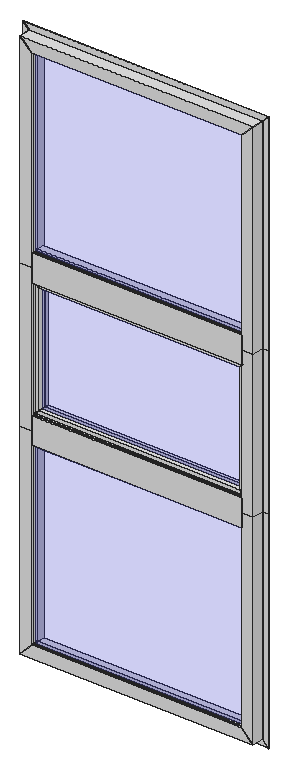
Revit family "511_AWN-AU_stucco key", category Windows, host Wall, Revit 2016
Family settings
  Host = Wall
  OmniClass Number = 23.30.20.00
  OmniClass Title = Windows
  Always vertical = Yes
  Cut with Voids When Loaded = No
  Shared = No
  Room Calculation Point = No
Parameters (values of type "48x114")
  MLW3 = 1 / 8 * BSA  # 5 1/4"
  MLW2 = 1 / 8 * BSU  # 5 1/4"
  MLW = 3.188"
  MLH = 1 / 2 * Width  # 24"
  Interior Color [instance] = White
  Height = 114"
  Exterior Color [instance] = White
  Default Sill Height = 31.49606"
  Wall Closure = By host
  Width = 48"
  BSU = 42"
  BSA = BSU  # 42"
  AH [instance] = 30"
Reference planes (in)
  plane 1 "Center (Front/Back)": y = 0
  plane 2 "Center (Left/Right)": x = 0
  plane 3 "Left": x = -24
  plane 4 "Right": x = 24
  plane 5 "Sill": z = 31.49606
  plane 6 "Head": z = 145.49606
  plane 7 "Exterior": y = 3.93701
  plane 8 "Interior": y = -3.93701
  plane 9 "Front of wall": y = 3.93701
  plane 10 "BSU": z = 73.49606
  plane 11 "BSA": z = 103.49606
  plane 12: z = 105.93303
  plane 13: z = 100.37156
  plane 14: z = 143.43506
  plane 15: z = 76.61998
  plane 16: z = 71.06152
  plane 17: z = 33.55906
  plane 18: x = 21.937
  plane 19: x = -21.939
  plane 20: x = -21.2505
  plane 21: x = 21.2515
  plane 22: z = 77.05898
  plane 23: z = 99.93351
Forms (in)
  Extrusion 1, solid, material "White" <- "Interior Color"
    sketch origin (0, 0, 103.49606) x (1, 0, 0) y (0, 1, 0)
      loop
        line (-21.625, 1.51201) -> (-21.625, 1.88701) -> (-21.439, 1.88701) -> (-21.439, 2.13751) -> (-21.939, 2.13751) -> (-21.939, 2.88201) -> (-21.43565, 2.88201) -> (-21.43565, 4.41631) -> (-23.34809, 4.41631) -> (-23.43181, 5.01201) -> (-24.2, 5.01201) -> (-24.2, 4.94701) -> (-24, 4.94701) -> (-24, 4.01201) -> (-25.25, 4.01201) -> (-25.25, 3.93701) -> (-24, 3.93701) -> (-24, 1.51201) -> (-21.625, 1.51201)
    from 0 to 43.25
  Extrusion 2, solid, material "White" <- "Interior Color"
    sketch origin (0, 0, 103.49606) x (1, 0, 0) y (0, 1, 0)
      loop
        line (24, 1.51201) -> (24, 3.93701) -> (25.25, 3.93701) -> (25.25, 4.01201) -> (24, 4.01201) -> (24, 4.94701) -> (24.2, 4.94701) -> (24.2, 5.01201) -> (23.43181, 5.01201) -> (23.34722, 4.41635) -> (21.43365, 4.41635) -> (21.43365, 2.88201) -> (21.937, 2.88201) -> (21.937, 2.13751) -> (21.437, 2.13751) -> (21.437, 1.88701) -> (21.625, 1.88701) -> (21.625, 1.51201) -> (24, 1.51201)
    from 0 to 43.25
  Extrusion 3, solid, material "White" <- "Interior Color"
    sketch origin (0, 0, 73.49606) x (1, 0, 0) y (0, 1, 0)
      loop
        line (-21.625, 1.51201) -> (-21.625, 1.88701) -> (-21.437, 1.88701) -> (-21.437, 2.21201) -> (-20.7505, 2.21201) -> (-20.7505, 3.09951) -> (-21.2505, 3.09951) -> (-21.2505, 3.84401) -> (-20.7882, 3.84401) -> (-20.8125, 3.88201) -> (-20.8125, 4.62201) -> (-21.3755, 4.62201) -> (-21.3755, 4.66201) -> (-23.38262, 4.66201) -> (-23.43181, 5.01201) -> (-24.2, 5.01201) -> (-24.2, 4.94701) -> (-24, 4.94701) -> (-24, 4.01201) -> (-25.25, 4.01201) -> (-25.25, 3.93701) -> (-24, 3.93701) -> (-24, 1.51201) -> (-21.625, 1.51201)
    from 0 to 30
  Extrusion 4, solid, material "White" <- "Interior Color"
    sketch origin (0, 0, 73.49606) x (1, 0, 0) y (0, 1, 0)
      loop
        line (24, 1.51201) -> (24, 3.93701) -> (25.25, 3.93701) -> (25.25, 4.01201) -> (24, 4.01201) -> (24, 4.94701) -> (24.2, 4.94701) -> (24.2, 5.01201) -> (23.43181, 5.01201) -> (23.38262, 4.66201) -> (21.3755, 4.66201) -> (21.3755, 4.62333) -> (20.8125, 4.62333) -> (20.8125, 3.88201) -> (20.7882, 3.84401) -> (21.2515, 3.84401) -> (21.2515, 3.09951) -> (20.7505, 3.09951) -> (20.7505, 2.21201) -> (21.437, 2.21201) -> (21.437, 1.88701) -> (21.625, 1.88701) -> (21.625, 1.51201) -> (24, 1.51201)
    from 0 to 30
  Extrusion 5, solid, material "White" <- "Interior Color"
    sketch origin (0, 0, 31.49606) x (0, -1, 0) y (1, 0, 0)
      loop
        line (-1.51201, -21.625) -> (-1.88701, -21.625) -> (-1.88701, -21.439) -> (-2.13751, -21.439) -> (-2.13751, -21.939) -> (-2.88201, -21.939) -> (-2.88201, -21.43565) -> (-4.41631, -21.43565) -> (-4.41631, -23.34809) -> (-5.01201, -23.43181) -> (-5.01201, -24.2) -> (-4.94701, -24.2) -> (-4.94701, -24) -> (-4.01201, -24) -> (-4.01201, -25.25) -> (-3.93701, -25.25) -> (-3.93701, -24) -> (-1.51201, -24) -> (-1.51201, -21.625)
    from -1.25 to 42
  Extrusion 6, solid, material "White" <- "Interior Color"
    sketch origin (0, 0, 31.49606) x (0, -1, 0) y (1, 0, 0)
      loop
        line (-1.51201, 24) -> (-3.93701, 24) -> (-3.93701, 25.25) -> (-4.01201, 25.25) -> (-4.01201, 24) -> (-4.94701, 24) -> (-4.94701, 24.2) -> (-5.01201, 24.2) -> (-5.01201, 23.43181) -> (-4.41635, 23.34722) -> (-4.41635, 21.43365) -> (-2.88201, 21.43365) -> (-2.88201, 21.937) -> (-2.13751, 21.937) -> (-2.13751, 21.437) -> (-1.88701, 21.437) -> (-1.88701, 21.625) -> (-1.51201, 21.625) -> (-1.51201, 24)
    from -1.25 to 42
  Extrusion 7, solid, material "White" <- "Interior Color"
    sketch origin (0, 0, 0) x (0, -1, 0) y (0, 0, 1)
      loop
        line (-1.51201, 33.87106) -> (-1.88701, 33.87106) -> (-1.88701, 34.05906) -> (-2.13751, 34.05906) -> (-2.13751, 33.55906) -> (-2.88201, 33.55906) -> (-2.88201, 34.06228) -> (-4.4163, 34.06228) -> (-4.4163, 32.14797) -> (-5.01201, 32.06425) -> (-5.01201, 31.29606) -> (-4.94701, 31.29606) -> (-4.94701, 31.49606) -> (-4.01201, 31.49606) -> (-4.01201, 30.24606) -> (-3.93701, 30.24606) -> (-3.93701, 31.49606) -> (-1.51201, 31.49606) -> (-1.51201, 33.87106)
    from -25.25 to 25.25
  Extrusion 8, solid, material "White" <- "Interior Color"
    sketch origin (0, 0, 0) x (0, -1, 0) y (0, 0, 1)
      loop
        line (-1.51201, 76.24648) -> (-1.88701, 76.24648) -> (-1.88701, 76.43448) -> (-2.20792, 76.43448) -> (-2.20792, 77.12098) -> (-3.0954, 77.12098) -> (-3.09951, 76.61998) -> (-3.84401, 76.61998) -> (-3.84401, 77.08328) -> (-3.88201, 77.05898) -> (-4.61982, 77.05898) -> (-4.61982, 76.49599) -> (-4.66201, 76.49599) -> (-4.66201, 74.48886) -> (-5.018, 74.43883) -> (-5.018, 72.55414) -> (-4.41495, 72.46939) -> (-4.41495, 70.55713) -> (-2.88201, 70.55713) -> (-2.88201, 71.06152) -> (-2.13751, 71.06152) -> (-2.13751, 70.55848) -> (-1.88701, 70.55848) -> (-1.88701, 70.74648) -> (-1.51201, 70.74648) -> (-1.51201, 76.24648)
    from -24 to 24
  Extrusion 9, solid, material "White" <- "Interior Color"
    sketch origin (0, 0, 0) x (0, -1, 0) y (0, 0, 1)
      loop
        line (-1.51201, 106.24606) -> (-1.88701, 106.24606) -> (-1.88701, 106.43406) -> (-2.1334, 106.43406) -> (-2.1334, 105.93303) -> (-2.88201, 105.93303) -> (-2.88201, 106.43728) -> (-4.4163, 106.43728) -> (-4.4163, 104.52297) -> (-5.01201, 104.43925) -> (-5.01201, 102.55287) -> (-4.66201, 102.50368) -> (-4.66201, 100.49656) -> (-4.62198, 100.49656) -> (-4.62198, 99.93351) -> (-3.88197, 99.93351) -> (-3.84401, 99.90924) -> (-3.84401, 100.37156) -> (-3.09951, 100.37156) -> (-3.09951, 99.87156) -> (-2.21201, 99.87156) -> (-2.21201, 100.55806) -> (-1.88701, 100.55806) -> (-1.88701, 100.74606) -> (-1.51201, 100.74606) -> (-1.51201, 106.24606)
    from -24 to 24
  Extrusion 10, solid, material "White" <- "Interior Color"
    sketch origin (0, 0, 0) x (0, -1, 0) y (0, 0, 1)
      loop
        line (-1.51201, 143.12106) -> (-1.51201, 145.49606) -> (-3.93701, 145.49606) -> (-3.93701, 146.74606) -> (-4.01201, 146.74606) -> (-4.01201, 145.49606) -> (-4.94701, 145.49606) -> (-4.94701, 145.69606) -> (-5.01201, 145.69606) -> (-5.01201, 144.92787) -> (-4.41631, 144.84415) -> (-4.41631, 142.93171) -> (-2.88201, 142.93171) -> (-2.88201, 143.43506) -> (-2.13751, 143.43506) -> (-2.13751, 142.93506) -> (-1.88701, 142.93506) -> (-1.88701, 143.12106) -> (-1.51201, 143.12106)
    from -25.25 to 25.25
  Sweep 11, void
    path in 3D
      loop
        line (22.55859, 7.37257, 145.49606) -> (22.55859, 3.93701, 145.49606)
    profile origin (22.55859, 5.65479, 145.49606) x (1, 0, 0) y (0, 0, 1)
      loop
        line (3.20045, 1.75904) -> (-2.2105, 1.75904) -> (-2.2105, -2.56435) -> (0.7895, -2.56435) -> (0.7895, -0.65191) -> (3.20045, 1.75904)
  Sweep 12, void
    path in 3D
      loop
        line (22.55859, 7.37257, 145.49606) -> (22.55859, 3.93701, 145.49606)
    profile origin (22.55859, 5.65479, 145.49606) x (1, 0, 0) y (0, 0, 1)
      loop
        line (3.03863, 1.59722) -> (0.87322, -0.56819) -> (0.87322, -3.15278) -> (3.03863, -3.15278) -> (3.03863, 1.59722)
  Sweep 13, void
    path in 3D
      loop
        line (-23.4878, 8.24938, 145.49606) -> (-23.4878, 3.93701, 145.49606)
    profile origin (-23.4878, 6.09319, 145.49606) x (1, 0, 0) y (0, 0, 1)
      loop
        line (-2.19785, 1.68565) -> (-2.19785, -3.15191) -> (0.05599, -3.15191) -> (0.05599, -0.56819) -> (-2.19785, 1.68565)
  Sweep 14, void
    path in 3D
      loop
        line (-23.4878, 8.24938, 145.49606) -> (-23.4878, 3.93701, 145.49606)
    profile origin (-23.4878, 6.09319, 145.49606) x (1, 0, 0) y (0, 0, 1)
      loop
        line (-1.86029, 1.34809) -> (0.13971, -0.65191) -> (0.13971, -2.56435) -> (2.46459, -2.56435) -> (2.46459, 1.34809) -> (-1.86029, 1.34809)
  Sweep 15, void
    path in 3D
      loop
        line (-23.22939, 7.99097, 103.49606) -> (-23.22939, 3.93701, 103.49606)
    profile origin (-23.22939, 5.96399, 103.49606) x (1, 0, 0) y (0, 0, 1)
      loop
        line (3.04758, 2.94121) -> (-0.1187, 2.94121) -> (-0.1187, 0.94319) -> (-0.20242, 0.94319) -> (-0.20242, -0.94319) -> (1.85389, -2.9995) -> (1.85389, -3.56255) -> (3.04758, -3.56255) -> (3.04758, 2.94121)
  Sweep 16, void
    path in 3D
      loop
        line (-23.22939, 7.99097, 103.49606) -> (-23.22939, 3.93701, 103.49606)
    profile origin (-23.22939, 5.96399, 103.49606) x (1, 0, 0) y (0, 0, 1)
      loop
        line (1.85389, -3.8745) -> (1.85389, -2.9995) -> (-0.20242, -0.94319) -> (-0.20242, 0.94319) -> (-0.1187, 1.02691) -> (-0.1187, 3.77691) -> (-3.3687, 3.77691) -> (-3.3687, -3.8745) -> (1.85389, -3.8745)
  Sweep 17, void
    path in 3D
      loop
        line (22.90225, 7.37257, 103.49606) -> (22.90225, 3.93701, 103.49606)
    profile origin (22.90225, 5.65479, 103.49606) x (1, 0, 0) y (0, 0, 1)
      loop
        line (-3.15175, 2.94121) -> (-3.15175, -3.56255) -> (-1.52675, -3.56255) -> (-1.52675, -2.9995) -> (0.52957, -0.94319) -> (0.52957, 0.94232) -> (0.44497, 1.02691) -> (0.44497, 2.94121) -> (-3.15175, 2.94121)
  Sweep 18, void
    path in 3D
      loop
        line (22.90225, 7.37257, 103.49606) -> (22.90225, 3.93701, 103.49606)
    profile origin (22.90225, 5.65479, 103.49606) x (1, 0, 0) y (0, 0, 1)
      loop
        line (-1.52675, -5.34632) -> (3.27957, -5.34632) -> (3.27957, 3.40368) -> (0.52957, 3.40368) -> (0.52957, -0.94319) -> (-1.52675, -2.9995) -> (-1.52675, -5.34632)
  Sweep 19, void
    path in 3D
      loop
        line (23.31199, 7.51797, 73.49606) -> (23.31199, 3.93701, 73.49606)
    profile origin (23.31199, 5.72749, 73.49606) x (1, 0, 0) y (0, 0, 1)
      loop
        line (-4.18371, 3.56292) -> (-4.18371, -2.93893) -> (0.03522, -2.93893) -> (0.03522, -0.93893) -> (0.11982, -0.93893) -> (0.11982, 0.94361) -> (-1.93649, 2.99992) -> (-1.93649, 3.56292) -> (-4.18371, 3.56292)
  Sweep 20, void
    path in 3D
      loop
        line (23.31199, 7.51797, 73.49606) -> (23.31199, 3.93701, 73.49606)
    profile origin (23.31199, 5.72749, 73.49606) x (1, 0, 0) y (0, 0, 1)
      loop
        line (0.11982, -3.28051) -> (2.56351, -3.28051) -> (2.56351, 4.49992) -> (-1.93649, 4.49992) -> (-1.93649, 2.99992) -> (0.11982, 0.94361) -> (0.11982, -3.28051)
  Sweep 21, void
    path in 3D
      loop
        line (-22.81899, 7.82377, 73.49606) -> (-22.81899, 3.93701, 73.49606)
    profile origin (-22.81899, 5.88039, 73.49606) x (1, 0, 0) y (0, 0, 1)
      loop
        line (4.13096, 3.56292) -> (1.44349, 3.56292) -> (1.44349, 2.99992) -> (-0.61282, 0.94361) -> (-0.61282, -0.94193) -> (-0.5291, -0.94193) -> (-0.5291, -2.93893) -> (4.13096, -2.93893) -> (4.13096, 3.56292)
  Sweep 22, void
    path in 3D
      loop
        line (-22.81899, 7.82377, 73.49606) -> (-22.81899, 3.93701, 73.49606)
    profile origin (-22.81899, 5.88039, 73.49606) x (1, 0, 0) y (0, 0, 1)
      loop
        line (1.44349, 4.64974) -> (-3.61282, 4.64974) -> (-3.61282, -3.20509) -> (-0.61282, -3.20509) -> (-0.61282, 0.94361) -> (1.44349, 2.99992) -> (1.44349, 4.64974)
  Sweep 23, void
    path in 3D
      loop
        line (-22.31899, 7.82377, 31.49606) -> (-22.31899, 3.93701, 31.49606)
    profile origin (-22.31899, 5.88039, 31.49606) x (1, 0, 0) y (0, 0, 1)
      loop
        line (2.13334, 2.56621) -> (-1.0291, 2.56621) -> (-1.0291, 0.65191) -> (-3.92168, -2.24067) -> (2.13334, -2.24067) -> (2.13334, 2.56621)
  Sweep 24, void
    path in 3D
      loop
        line (-22.31899, 7.82377, 31.49606) -> (-22.31899, 3.93701, 31.49606)
    profile origin (-22.31899, 5.88039, 31.49606) x (1, 0, 0) y (0, 0, 1)
      loop
        line (-1.0291, 3.9415) -> (-3.58614, 3.9415) -> (-3.58614, -1.90513) -> (-1.0291, 0.65191) -> (-1.0291, 3.9415)
  Sweep 25, void
    path in 3D
      loop
        line (23.56199, 7.37257, 31.49606) -> (23.56199, 3.93701, 31.49606)
    profile origin (23.56199, 5.65479, 31.49606) x (1, 0, 0) y (0, 0, 1)
      loop
        line (-4.12835, 2.56621) -> (-4.12835, -1.46941) -> (1.90654, -1.46941) -> (-0.21478, 0.65191) -> (-0.21478, 2.56621) -> (-4.12835, 2.56621)
  Sweep 26, void
    path in 3D
      loop
        line (23.56199, 7.37257, 31.49606) -> (23.56199, 3.93701, 31.49606)
    profile origin (23.56199, 5.65479, 31.49606) x (1, 0, 0) y (0, 0, 1)
      loop
        line (-0.21478, 3.31621) -> (-0.21478, 0.65191) -> (2.08332, -1.64619) -> (2.08332, 3.31621) -> (-0.21478, 3.31621)
  Extrusion 27, void
    sketch origin (0, 3.93701, 0) x (1, 0, 0) y (0, 0, 1)
      loop
        line (-21.625, 143.12106) -> (-26.49016, 147.98622) -> (-26.49016, 142.03484) -> (-21.625, 142.03484) -> (-21.625, 143.12106)
    from 0 to 12
  Extrusion 28, void
    sketch origin (0, 3.93701, 0) x (1, 0, 0) y (0, 0, 1)
      loop
        line (-26.25, 147.74606) -> (-21.625, 143.12106) -> (-21.625, 142.93171) -> (-20.39235, 142.93171) -> (-20.39235, 147.74606) -> (-26.25, 147.74606)
    from 0 to 12
  Extrusion 29, void
    sketch origin (0, 3.93701, 0) x (1, 0, 0) y (0, 0, 1)
      loop
        line (27.00984, 148.50591) -> (21.625, 143.12106) -> (21.625, 142.49086) -> (27.00984, 142.49086) -> (27.00984, 148.50591)
    from 0 to 12
  Extrusion 30, void
    sketch origin (0, 3.93701, 0) x (1, 0, 0) y (0, 0, 1)
      loop
        line (26.25, 147.74606) -> (20.28769, 147.74606) -> (20.28769, 142.93506) -> (21.625, 142.93506) -> (21.625, 143.12106) -> (26.25, 147.74606)
    from 0 to 12
  Extrusion 31, void
    sketch origin (0, 3.93701, 0) x (1, 0, 0) y (0, 0, 1)
      loop
        line (20.44316, 106.43728) -> (20.44316, 99.56422) -> (21.437, 100.55806) -> (21.625, 100.55806) -> (21.625, 106.43728) -> (20.44316, 106.43728)
    from 0 to 12
  Extrusion 32, void
    sketch origin (0, 3.93701, 0) x (1, 0, 0) y (0, 0, 1)
      loop
        line (20.7505, 99.37156) -> (24.91961, 99.37156) -> (24.625, 107.80806) -> (21.625, 107.80806) -> (21.625, 100.55806) -> (21.437, 100.55806) -> (20.7505, 99.87156) -> (20.7505, 99.37156)
    from 0 to 12
  Extrusion 33, void
    sketch origin (0, 3.93701, 0) x (1, 0, 0) y (0, 0, 1)
      loop
        line (-20.02279, 106.43406) -> (-21.625, 106.43406) -> (-21.625, 100.55806) -> (-21.437, 100.55806) -> (-20.02279, 99.14385) -> (-20.02279, 106.43406)
    from 0 to 12
  Extrusion 34, void
    sketch origin (0, 3.93701, 0) x (1, 0, 0) y (0, 0, 1)
      loop
        line (-20.7505, 99.37156) -> (-20.7505, 99.87156) -> (-21.437, 100.55806) -> (-21.625, 100.55806) -> (-21.625, 107.05806) -> (-24.875, 107.05806) -> (-24.875, 99.37156) -> (-20.7505, 99.37156)
    from 0 to 12
  Extrusion 35, void
    sketch origin (0, 3.93701, 0) x (1, 0, 0) y (0, 0, 1)
      loop
        line (-20.09803, 70.55713) -> (-20.09803, 77.77346) -> (-21.437, 76.43448) -> (-21.625, 76.43448) -> (-21.625, 70.55713) -> (-20.09803, 70.55713)
    from 0 to 12
  Extrusion 36, void
    sketch origin (0, 3.93701, 0) x (1, 0, 0) y (0, 0, 1)
      loop
        line (-21.625, 70.13176) -> (-21.625, 76.43448) -> (-21.437, 76.43448) -> (-20.37634, 77.49514) -> (-24.74639, 77.49514) -> (-24.74639, 70.13176) -> (-21.625, 70.13176)
    from 0 to 12
  Extrusion 37, void
    sketch origin (0, 3.93701, 0) x (1, 0, 0) y (0, 0, 1)
      loop
        line (20.02279, 70.55713) -> (21.625, 70.55713) -> (21.625, 76.43448) -> (21.437, 76.43448) -> (20.02279, 77.8487) -> (20.02279, 70.55713)
    from 0 to 12
  Extrusion 38, void
    sketch origin (0, 3.93701, 0) x (1, 0, 0) y (0, 0, 1)
      loop
        line (19.81829, 78.0532) -> (21.437, 76.43449) -> (21.625, 76.43449) -> (21.625, 69.68449) -> (25.125, 69.68449) -> (25.125, 78.0532) -> (19.81829, 78.0532)
    from 0 to 12
  Extrusion 39, void
    sketch origin (0, 3.93701, 0) x (1, 0, 0) y (0, 0, 1)
      loop
        line (20.68365, 34.05906) -> (20.68365, 29.04582) -> (26.45024, 29.04582) -> (21.625, 33.87106) -> (21.625, 34.05906) -> (20.68365, 34.05906)
    from 0 to 12
  Extrusion 40, void
    sketch origin (0, 3.93701, 0) x (1, 0, 0) y (0, 0, 1)
      loop
        line (26.90847, 28.58759) -> (26.48745, 36.62106) -> (21.625, 36.62106) -> (21.625, 33.87106) -> (26.90847, 28.58759)
    from 0 to 12
  Extrusion 41, void
    sketch origin (0, 3.93701, 0) x (1, 0, 0) y (0, 0, 1)
      loop
        line (-20.55612, 34.05906) -> (-21.625, 34.05906) -> (-21.625, 33.87106) -> (-26.24067, 29.2554) -> (-20.55612, 29.2554) -> (-20.55612, 34.05906)
    from 0 to 12
  Extrusion 42, void
    sketch origin (0, 3.93701, 0) x (1, 0, 0) y (0, 0, 1)
      loop
        line (-26.41024, 29.08582) -> (-21.625, 33.87106) -> (-21.625, 35.37106) -> (-26.41024, 35.37106) -> (-26.41024, 29.08582)
    from 0 to 12
  Extrusion 43, solid, material "Glass"
    sketch origin (0, 0, 0) x (0, -1, 0) y (0, 0, 1)
      loop
        line (-2.88201, 143.43506) -> (-2.88201, 105.93303) -> (-2.1334, 105.93303) -> (-2.1334, 143.43506) -> (-2.88201, 143.43506)
    from -21.937 to 21.939
  Extrusion 44, solid, material "Glass"
    sketch origin (0, 0, 0) x (0, -1, 0) y (0, 0, 1)
      loop
        line (-3.84401, 100.37156) -> (-3.84401, 76.61998) -> (-3.09951, 76.61998) -> (-3.09951, 100.37156) -> (-3.84401, 100.37156)
    from -21.2515 to 21.2505
  Extrusion 45, solid, material "Glass"
    sketch origin (0, 0, 0) x (0, -1, 0) y (0, 0, 1)
      loop
        line (-2.88201, 71.06152) -> (-2.88201, 33.55906) -> (-2.1334, 33.55906) -> (-2.1334, 71.06152) -> (-2.88201, 71.06152)
    from -21.937 to 21.939
Cuts and joins
  Sweep 11, Sweep 17, Extrusion 30, Extrusion 31 cuts Extrusion 2
  Sweep 12, Sweep 13, Extrusion 27, Extrusion 29 cuts Extrusion 10
  Sweep 14, Sweep 15, Extrusion 28, Extrusion 33 cuts Extrusion 1
  Sweep 15, Sweep 21, Extrusion 33, Extrusion 35 cuts Extrusion 3
  Sweep 16, Sweep 18, Extrusion 32, Extrusion 34 cuts Extrusion 9
  Sweep 17, Sweep 19, Extrusion 31, Extrusion 37 cuts Extrusion 4
  Sweep 19, Sweep 25, Extrusion 37, Extrusion 39 cuts Extrusion 6
  Sweep 20, Sweep 22, Extrusion 36, Extrusion 38 cuts Extrusion 8
  Sweep 21, Sweep 23, Extrusion 35, Extrusion 41 cuts Extrusion 5
  Sweep 24, Sweep 26, Extrusion 40, Extrusion 42 cuts Extrusion 7
Lines and regions (in)
  Opening 1
    outline origin (137.79528, -3.93701, 0) x (1, 0, 0) y (0, 0, 1)
      loop
        line (-113.79528, 31.49606) -> (-113.79528, 145.49606) -> (-161.79528, 145.49606) -> (-161.79528, 31.49606) -> (-113.79528, 31.49606)
  reference lines
    curve 1: line (-23.22939, 7.99097, 103.49606) -> (-23.22939, 3.93701, 103.49606)
    curve 2: line (-22.81899, 7.82377, 73.49606) -> (-22.81899, 3.93701, 73.49606)
    curve 3: line (-22.31899, 7.82377, 31.49606) -> (-22.31899, 3.93701, 31.49606)
    curve 4: line (-23.4878, 8.24938, 145.49606) -> (-23.4878, 3.93701, 145.49606)
    curve 5: line (22.55859, 7.37257, 145.49606) -> (22.55859, 3.93701, 145.49606)
    curve 6: line (22.90225, 7.37257, 103.49606) -> (22.90225, 3.93701, 103.49606)
    curve 7: line (23.31199, 7.51797, 73.49606) -> (23.31199, 3.93701, 73.49606)
    curve 8: line (23.56199, 7.37257, 31.49606) -> (23.56199, 3.93701, 31.49606)
    curve 25: line (20.812, 3.93701, 77.05898) -> (0, 3.93701, 99.93351)
    curve 26: line (0, 3.93701, 99.93351) -> (-20.812, 3.93701, 77.05898)
    curve 29: line (2.5, 3.93701, 126.99606) -> (-2.5, 3.93701, 126.99606)
    curve 30: line (2.5, 3.93701, 121.99606) -> (2.5, 3.93701, 126.99606)
    curve 31: line (-2.5, 3.93701, 121.99606) -> (2.5, 3.93701, 121.99606)
    curve 32: line (-2.5, 3.93701, 126.99606) -> (-2.5, 3.93701, 121.99606)
    curve 36: line (0, 3.93701, 121.99606) -> (0, 3.93701, 128.49606)
    curve 37: line (2.5, 3.93701, 124.49606) -> (0.3301, 3.93701, 124.49606)
    curve 38: line (2.5, 3.93701, 54.99606) -> (-2.5, 3.93701, 54.99606)
    curve 39: line (2.5, 3.93701, 49.99606) -> (2.5, 3.93701, 54.99606)
    curve 40: line (-2.5, 3.93701, 49.99606) -> (2.5, 3.93701, 49.99606)
    curve 41: line (-2.5, 3.93701, 54.99606) -> (-2.5, 3.93701, 49.99606)
    curve 45: line (0, 3.93701, 49.99606) -> (0, 3.93701, 56.49606)
    curve 46: line (2.5, 3.93701, 52.49606) -> (0.04511, 3.93701, 52.49606)
    curve 49: line (2.5, 0, 126.99606) -> (-2.5, 0, 126.99606)
    curve 50: line (2.5, 0, 121.99606) -> (2.5, 0, 126.99606)
    curve 51: line (-2.5, 0, 121.99606) -> (2.5, 0, 121.99606)
    curve 52: line (-2.5, 0, 126.99606) -> (-2.5, 0, 121.99606)
    curve 53: line (0, 0, 121.99606) -> (0, 0, 129.49606)
    curve 54: line (2.5, 0, 124.49606) -> (-4.5, 0, 124.49606)
    curve 58: line (2.5, 0, 54.99606) -> (-2.5, 0, 54.99606)
    curve 59: line (2.5, 0, 49.99606) -> (2.5, 0, 54.99606)
    curve 60: line (-2.5, 0, 49.99606) -> (2.5, 0, 49.99606)
    curve 61: line (-2.5, 0, 54.99606) -> (-2.5, 0, 49.99606)
    curve 62: line (0, 0, 49.99606) -> (0, 0, 57.49606)
    curve 63: line (2.5, 0, 52.49606) -> (-4.5, 0, 52.49606)
  sketch lines
    curve 9: line (22.55859, 7.37257, 145.49606) -> (22.55859, 3.93701, 145.49606)
    curve 10: line (22.55859, 7.37257, 145.49606) -> (22.55859, 3.93701, 145.49606)
    curve 11: line (-23.4878, 8.24938, 145.49606) -> (-23.4878, 3.93701, 145.49606)
    curve 12: line (-23.4878, 8.24938, 145.49606) -> (-23.4878, 3.93701, 145.49606)
    curve 13: line (-23.22939, 7.99097, 103.49606) -> (-23.22939, 3.93701, 103.49606)
    curve 14: line (-23.22939, 7.99097, 103.49606) -> (-23.22939, 3.93701, 103.49606)
    curve 15: line (22.90225, 7.37257, 103.49606) -> (22.90225, 3.93701, 103.49606)
    curve 16: line (22.90225, 7.37257, 103.49606) -> (22.90225, 3.93701, 103.49606)
    curve 17: line (23.31199, 7.51797, 73.49606) -> (23.31199, 3.93701, 73.49606)
    curve 18: line (23.31199, 7.51797, 73.49606) -> (23.31199, 3.93701, 73.49606)
    curve 19: line (-22.81899, 7.82377, 73.49606) -> (-22.81899, 3.93701, 73.49606)
    curve 20: line (-22.81899, 7.82377, 73.49606) -> (-22.81899, 3.93701, 73.49606)
    curve 21: line (-22.31899, 7.82377, 31.49606) -> (-22.31899, 3.93701, 31.49606)
    curve 22: line (-22.31899, 7.82377, 31.49606) -> (-22.31899, 3.93701, 31.49606)
    curve 23: line (23.56199, 7.37257, 31.49606) -> (23.56199, 3.93701, 31.49606)
    curve 24: line (23.56199, 7.37257, 31.49606) -> (23.56199, 3.93701, 31.49606)
  model lines
    curve 27: line (20.812, 3.93701, 77.05898) -> (0, 3.93701, 99.93351)
    curve 28: line (0, 3.93701, 99.93351) -> (-20.812, 3.93701, 77.05898)
    curve 33: line (2.5, 3.93701, 126.99606) -> (-2.5, 3.93701, 121.99606)
    curve 34: line (-2.5, 3.93701, 124.49606) -> (0, 3.93701, 126.99606)
    curve 35: line (0, 3.93701, 121.99606) -> (2.5, 3.93701, 124.49606)
    curve 42: line (2.5, 3.93701, 54.99606) -> (-2.5, 3.93701, 49.99606)
    curve 43: line (-2.5, 3.93701, 52.49606) -> (0, 3.93701, 54.99606)
    curve 44: line (0, 3.93701, 49.99606) -> (2.5, 3.93701, 52.49606)
  symbolic lines
    curve 47: line (0, 3.93701, 99.93351) -> (-20.812, 3.93701, 77.05898)
    curve 48: line (0, 3.93701, 99.93351) -> (20.812, 3.93701, 77.05898)
    curve 55: line (0, 0, 121.99606) -> (2.5, 0, 124.49606)
    curve 56: line (0, 0, 126.99606) -> (-2.5, 0, 124.49606)
    curve 57: line (-2.5, 0, 121.99606) -> (2.5, 0, 126.99606)
    curve 64: line (0, 0, 49.99606) -> (2.5, 0, 52.49606)
    curve 65: line (0, 0, 54.99606) -> (-2.5, 0, 52.49606)
    curve 66: line (-2.5, 0, 49.99606) -> (2.5, 0, 54.99606)
Text (in)
  text "EXTERIOR" at (-77.29147, 52.45485, 0), in view "Ref. Level"
  text "INTERIOR" at (-78.01048, -32.21994, 0), in view "Ref. Level"
  text "Exterior" at (0, 36.36817, 115.8778), in view "Right"
  text "Exterior" at (0, 40.96394, 105.72475), in view "Left"
Dimensions and locks (in)
  equal spacing: plane 3 "Left", plane 2 "Center (Left/Right)", plane 4 "Right"
  "Width": plane 3 "Left" to plane 4 "Right"
  "Height": plane 5 "Sill" to plane 6 "Head"
  "Default Sill Height": plane 5 "Sill" to level
  locked: plane 7 "Exterior" to host wall at 0
  locked: plane 8 "Interior" to host wall
  "BSA": plane 11 "BSA" to plane 6 "Head"
  "BSU": plane 5 "Sill" to plane 10 "BSU"
  locked: Extrusion 1 sketch curve to plane 9 "Front of wall" at 2.425
  locked: Extrusion 1 sketch curve to Extrusion 1 sketch curve at 2.375
  locked: Extrusion 1 sketch curve to plane 3 "Left" at 1.25
  locked: plane 4 "Right" to Extrusion 2 sketch curve at 1.25
  locked: Extrusion 2 sketch curve to plane 9 "Front of wall" at 2.425
  locked: Extrusion 2 sketch curve to Extrusion 2 sketch curve at 2.375
  locked: Extrusion 3 sketch curve to plane 3 "Left" at 1.25
  locked: Extrusion 3 sketch curve to plane 9 "Front of wall" at 2.425
  locked: Extrusion 3 sketch curve to Extrusion 3 sketch curve at 2.375
  locked: plane 4 "Right" to Extrusion 4 sketch curve at 1.25
  locked: Extrusion 4 sketch curve to plane 9 "Front of wall" at 2.425
  locked: Extrusion 4 sketch curve to Extrusion 4 sketch curve at 2.375
  locked: Extrusion 5 sketch curve to plane 3 "Left" at 1.25
  locked: Extrusion 5 sketch curve to plane 9 "Front of wall" at 2.425
  locked: Extrusion 5 sketch curve to Extrusion 5 sketch curve at 2.375
  locked: plane 4 "Right" to Extrusion 6 sketch curve at 1.25
  locked: Extrusion 6 sketch curve to plane 9 "Front of wall" at 2.425
  locked: Extrusion 6 sketch curve to Extrusion 6 sketch curve at 2.375
  locked: Extrusion 7 sketch curve to plane 5 "Sill" at 1.25
  locked: plane 9 "Front of wall" to Extrusion 7 sketch curve at 2.425
  locked: Extrusion 7 sketch curve to Extrusion 7 sketch curve at 2.375
  locked: Extrusion 8 sketch curve to plane 10 "BSU" at 0.94277
  locked: plane 10 "BSU" to Extrusion 8 sketch curve at 0.94193
  locked: Extrusion 8 sketch curve to plane 10 "BSU" at 2.75042
  locked: plane 10 "BSU" to Extrusion 8 sketch curve at 2.74958
  locked: plane 9 "Front of wall" to Extrusion 8 sketch curve at 2.425
  locked: Extrusion 9 sketch curve to plane 11 "BSA" at 0.94319
  locked: plane 11 "BSA" to Extrusion 9 sketch curve at 0.94319
  locked: Extrusion 9 sketch curve to plane 11 "BSA" at 2.75
  locked: plane 11 "BSA" to Extrusion 9 sketch curve at 2.75
  locked: plane 9 "Front of wall" to Extrusion 9 sketch curve at 2.425
  locked: plane 6 "Head" to Extrusion 10 sketch curve at 1.25
  locked: plane 9 "Front of wall" to Extrusion 10 sketch curve at 2.425
  locked: Extrusion 10 sketch curve to Extrusion 10 sketch curve at 2.375
  locked: plane 13 to plane 11 "BSA" at 3.1245
  locked: plane 12 to plane 11 "BSA" at 2.43697
  locked: plane 14 to plane 6 "Head" at 2.061
  locked: plane 16 to plane 10 "BSU" at 2.43455
  locked: plane 15 to plane 10 "BSU" at 3.12392
  locked: plane 5 "Sill" to plane 17 at 2.063
  locked: plane 3 "Left" to plane 19 at 2.061
  locked: plane 3 "Left" to plane 20 at 2.7495
  locked: plane 18 to plane 4 "Right" at 2.063
  locked: plane 21 to plane 4 "Right" at 2.7485
  locked: plane 23 to plane 11 "BSA" at 3.56255
  locked: plane 10 "BSU" to plane 22 at 3.56292
  "MLH": curve 26 to plane 4 "Right"
  "MLH": plane 3 "Left" to curve 25
  "MLW": curve 25 to plane 4 "Right"
  "MLW": plane 3 "Left" to curve 26
  equal spacing: curve 34, curve 33, curve 35
  locked: curve 30 to curve 32 at 5
  locked: curve 31 to curve 29 at 5
  equal spacing: curve 32, curve 36, curve 30
  equal spacing: curve 31, curve 37, curve 29
  equal spacing: curve 43, curve 42, curve 44
  locked: curve 39 to curve 41 at 5
  locked: curve 40 to curve 38 at 5
  equal spacing: curve 41, curve 45, curve 39
  equal spacing: curve 40, curve 46, curve 38
  equal spacing: plane 11 "BSA", curve 37, plane 6 "Head"
  equal spacing: plane 3 "Left", curve 36, plane 4 "Right"
  equal spacing: plane 5 "Sill", curve 46, plane 10 "BSU"
  equal spacing: plane 3 "Left", curve 45, plane 4 "Right"
  locked: curve 50 to curve 52 at 5
  locked: curve 51 to curve 49 at 5
  equal spacing: curve 52, curve 53, curve 50
  equal spacing: curve 51, curve 54, curve 49
  locked: curve 52 to curve 56 at 2.5
  locked: curve 52 to curve 55 at 2.5
  locked: curve 55 to curve 51 at 2.5
  locked: curve 56 to curve 51 at 2.5
  locked: curve 50 to curve 57 at 5
  locked: curve 59 to curve 61 at 5
  locked: curve 60 to curve 58 at 5
  equal spacing: curve 61, curve 62, curve 59
  equal spacing: curve 60, curve 63, curve 58
  locked: curve 61 to curve 65 at 2.5
  locked: curve 61 to curve 64 at 2.5
  locked: curve 64 to curve 60 at 2.5
  locked: curve 65 to curve 60 at 2.5
  locked: curve 59 to curve 66 at 5
  equal spacing: plane 10 "BSU", curve 63, plane 5 "Sill"
  equal spacing: plane 3 "Left", curve 62, plane 4 "Right"
  equal spacing: plane 3 "Left", curve 53, plane 4 "Right"
  equal spacing: plane 6 "Head", curve 54, plane 11 "BSA"
  "AH": plane 10 "BSU" to plane 11 "BSA"
  aligned and locked: plane 9 "Front of wall" to host wall
  aligned and locked: Extrusion 1 sketch curve to plane 3 "Left"  (x2)
  aligned and locked: Extrusion 1 sketch curve to plane 9 "Front of wall"
  aligned and locked: Extrusion 2 sketch curve to plane 4 "Right"  (x2)
  aligned and locked: plane 9 "Front of wall" to Extrusion 2 sketch curve
  aligned and locked: Extrusion 3 sketch curve to plane 3 "Left"  (x2)
  aligned and locked: Extrusion 3 sketch curve to plane 9 "Front of wall"
  aligned and locked: Extrusion 4 sketch curve to plane 4 "Right"  (x2)
  aligned and locked: plane 9 "Front of wall" to Extrusion 4 sketch curve
  aligned and locked: Extrusion 5 sketch curve to plane 3 "Left"  (x2)
  aligned and locked: Extrusion 5 sketch curve to plane 9 "Front of wall"
  aligned and locked: Extrusion 6 sketch curve to plane 4 "Right"
  aligned and locked: plane 9 "Front of wall" to Extrusion 6 sketch curve
  aligned and locked: Extrusion 7 sketch curve to plane 5 "Sill"  (x2)
  aligned and locked: Extrusion 7 sketch curve to plane 9 "Front of wall"
  aligned and locked: Extrusion 10 sketch curve to plane 6 "Head"  (x2)
  aligned and locked: plane 9 "Front of wall" to Extrusion 10 sketch curve
  aligned and locked: plane 17 to Extrusion 7 sketch curve
  aligned and locked: plane 15 to Extrusion 8 sketch curve
  aligned and locked: Extrusion 8 sketch curve to plane 16
  aligned and locked: plane 12 to Extrusion 9 sketch curve
  aligned and locked: Extrusion 9 sketch curve to plane 13
  aligned and locked: plane 14 to Extrusion 10 sketch curve
  aligned and locked: plane 18 to Extrusion 2 sketch curve
  aligned and locked: plane 19 to Extrusion 1 sketch curve
  aligned and locked: plane 20 to Extrusion 3 sketch curve
  aligned and locked: plane 21 to Extrusion 4 sketch curve
  aligned and locked: plane 19 to Extrusion 5 sketch curve
  aligned and locked: plane 18 to Extrusion 6 sketch curve
  aligned and locked: Extrusion 9 to plane 4 "Right"
  aligned and locked: plane 3 "Left" to Extrusion 9
  aligned and locked: Extrusion 8 to plane 4 "Right"
  aligned and locked: plane 3 "Left" to Extrusion 8
  aligned and locked: Extrusion 7 to Extrusion 5  (x2)
  aligned and locked: Extrusion 6 to Extrusion 7  (x2)
  aligned and locked: plane 10 "BSU" to Extrusion 6
  aligned and locked: Extrusion 3 to plane 10 "BSU"
  aligned and locked: plane 10 "BSU" to Extrusion 5
  aligned and locked: Extrusion 4 to plane 10 "BSU"
  aligned and locked: Extrusion 1 to plane 11 "BSA"
  aligned and locked: plane 11 "BSA" to Extrusion 3
  aligned and locked: Extrusion 2 to plane 11 "BSA"
  aligned and locked: plane 11 "BSA" to Extrusion 4
  aligned and locked: Extrusion 1 to Extrusion 10  (x2)
  aligned and locked: Extrusion 10 to Extrusion 2
  aligned and locked: plane 9 "Front of wall" to curve 5
  aligned and locked: plane 9 "Front of wall" to curve 6
  aligned and locked: plane 9 "Front of wall" to curve 7
  aligned and locked: plane 9 "Front of wall" to curve 8
  aligned and locked: plane 9 "Front of wall" to curve 3
  aligned and locked: plane 9 "Front of wall" to curve 2
  aligned and locked: plane 9 "Front of wall" to curve 1
  aligned and locked: plane 9 "Front of wall" to curve 4
  aligned and locked: cut or joined group of Extrusion 2, Sweep 11, Sweep 17, Extrusion 30, Extrusion 31 to cut or joined group of Extrusion 10, Sweep 12, Sweep 13, Extrusion 27, Extrusion 29
  aligned and locked: plane 14 to Extrusion 43 sketch curve
  aligned and locked: Extrusion 43 sketch curve to plane 12
  aligned and locked: plane 13 to Extrusion 44 sketch curve
  aligned and locked: Extrusion 44 sketch curve to plane 15
  aligned and locked: plane 16 to Extrusion 45 sketch curve
  aligned and locked: Extrusion 45 sketch curve to plane 17
  aligned and locked: plane 19 to Extrusion 43
  aligned and locked: Extrusion 43 to plane 18
  aligned and locked: plane 19 to Extrusion 45
  aligned and locked: Extrusion 45 to plane 18
  aligned and locked: plane 20 to Extrusion 44
  aligned and locked: Extrusion 44 to plane 21
  aligned and locked: plane 23 to curve 26
  aligned and locked: plane 23 to curve 25
  aligned and locked: plane 22 to curve 26
  aligned and locked: plane 22 to curve 25
  aligned and locked: curve 26 to curve 28
  aligned and locked: curve 25 to curve 27
  aligned and locked: curve 29 to curve 32
  aligned and locked: curve 32 to curve 32
  aligned and locked: curve 30 to curve 30
  aligned and locked: curve 32 to curve 33
  aligned and locked: curve 33 to curve 29
  aligned and locked: curve 29 to curve 34
  aligned and locked: curve 32 to curve 34
  aligned and locked: curve 31 to curve 35
  aligned and locked: curve 30 to curve 35
  aligned and locked: curve 38 to curve 41
  aligned and locked: curve 41 to curve 41
  aligned and locked: curve 39 to curve 39
  aligned and locked: curve 41 to curve 42
  aligned and locked: curve 42 to curve 38
  aligned and locked: curve 38 to curve 43
  aligned and locked: curve 41 to curve 43
  aligned and locked: curve 40 to curve 44
  aligned and locked: curve 39 to curve 44
  aligned and locked: curve 48 to curve 25
  aligned and locked: curve 26 to curve 47
  aligned and locked: curve 49 to curve 52
  aligned and locked: curve 52 to curve 52
  aligned and locked: curve 50 to curve 50
  aligned and locked: curve 52 to curve 56
  aligned and locked: curve 51 to curve 55
  aligned and locked: curve 50 to curve 55
  aligned and locked: curve 49 to curve 56
  aligned and locked: curve 50 to curve 57
  aligned and locked: curve 57 to curve 51
  aligned and locked: curve 58 to curve 61
  aligned and locked: curve 61 to curve 61
  aligned and locked: curve 59 to curve 59
  aligned and locked: curve 61 to curve 65
  aligned and locked: curve 60 to curve 64
  aligned and locked: curve 59 to curve 64
  aligned and locked: curve 58 to curve 65
  aligned and locked: curve 59 to curve 66
  aligned and locked: curve 66 to curve 60
Automatic sketch dimensions
  Opening 1 sketch curve to plane 3 "Left" = 0"
  Opening 1 sketch curve to plane 4 "Right" = 0"
  Opening 1 sketch curve to plane 5 "Sill" = 0"
  Opening 1 sketch curve to plane 6 "Head" = 0"
  Extrusion 1 sketch curve to Extrusion 1 sketch curve = 0.2"
  Extrusion 1 sketch curve to Extrusion 1 sketch curve = 0.56819"
  host wall to Extrusion 1 sketch curve = 1.075"
  host wall to Extrusion 1 sketch curve = 0.4793"
  Extrusion 1 sketch curve to Extrusion 1 sketch curve = 0.08372"
  Extrusion 1 sketch curve to Extrusion 1 sketch curve = 0.186"
  Extrusion 1 sketch curve to Extrusion 1 sketch curve = 0.2505"
  Extrusion 1 sketch curve to Extrusion 1 sketch curve = 3/8"
  host wall to Extrusion 1 sketch curve = 0.075"
  Extrusion 1 sketch curve to Extrusion 1 sketch curve = 0.065"
  plane 4 "Right" to Extrusion 2 sketch curve = 0.56819"
  Extrusion 2 sketch curve to Extrusion 2 sketch curve = 0.08459"
  Extrusion 2 sketch curve to Extrusion 2 sketch curve = 0.2"
  Extrusion 2 sketch curve to Extrusion 2 sketch curve = 0.2505"
  host wall to Extrusion 2 sketch curve = 0.075"
  host wall to Extrusion 2 sketch curve = 0.47934"
  Extrusion 2 sketch curve to Extrusion 2 sketch curve = 0.53066"
  Extrusion 2 sketch curve to Extrusion 2 sketch curve = 0.065"
  host wall to Extrusion 3 sketch curve = 0.075"
  Extrusion 3 sketch curve to Extrusion 3 sketch curve = 0.2"
  Extrusion 3 sketch curve to Extrusion 3 sketch curve = 0.56819"
  host wall to Extrusion 3 sketch curve = 1.075"
  Extrusion 3 sketch curve to Extrusion 3 sketch curve = 0.04919"
  host wall to Extrusion 3 sketch curve = 0.725"
  Extrusion 3 sketch curve to Extrusion 3 sketch curve = 0.188"
  Extrusion 3 sketch curve to Extrusion 3 sketch curve = 0.438"
  Extrusion 3 sketch curve to host wall = 0.055"
  Extrusion 3 sketch curve to host wall = 0.093"
  Extrusion 3 sketch curve to Extrusion 3 sketch curve = 0.0243"
  Extrusion 3 sketch curve to Extrusion 3 sketch curve = 1/2"
  Extrusion 3 sketch curve to Extrusion 3 sketch curve = 0.325"
  Extrusion 3 sketch curve to Extrusion 3 sketch curve = 3/8"
  Extrusion 3 sketch curve to Extrusion 3 sketch curve = 0.03999"
  Extrusion 3 sketch curve to Extrusion 3 sketch curve = 0.065"
  Extrusion 4 sketch curve to host wall = 0.093"
  Extrusion 4 sketch curve to host wall = 0.055"
  Extrusion 4 sketch curve to Extrusion 4 sketch curve = 0.0243"
  Extrusion 4 sketch curve to Extrusion 4 sketch curve = 0.563"
  Extrusion 4 sketch curve to Extrusion 4 sketch curve = 0.188"
  plane 4 "Right" to Extrusion 4 sketch curve = 0.61738"
  Extrusion 4 sketch curve to Extrusion 4 sketch curve = 0.04919"
  host wall to Extrusion 4 sketch curve = 0.075"
  Extrusion 4 sketch curve to Extrusion 4 sketch curve = 0.2"
  Extrusion 4 sketch curve to Extrusion 4 sketch curve = 0.8875"
  Extrusion 4 sketch curve to Extrusion 4 sketch curve = 0.325"
  host wall to Extrusion 4 sketch curve = 0.68632"
  host wall to Extrusion 4 sketch curve = 0.725"
  Extrusion 4 sketch curve to Extrusion 4 sketch curve = 0.285"
  Extrusion 4 sketch curve to Extrusion 4 sketch curve = 0.35"
  host wall to Extrusion 5 sketch curve = 0.075"
  host wall to Extrusion 5 sketch curve = 0.4793"
  Extrusion 5 sketch curve to Extrusion 5 sketch curve = 0.5307"
  Extrusion 5 sketch curve to Extrusion 5 sketch curve = 0.065"
  Extrusion 5 sketch curve to Extrusion 5 sketch curve = 0.2505"
  Extrusion 5 sketch curve to Extrusion 5 sketch curve = 0.2"
  Extrusion 5 sketch curve to Extrusion 5 sketch curve = 0.56819"
  Extrusion 5 sketch curve to Extrusion 5 sketch curve = 0.08372"
  Extrusion 5 sketch curve to Extrusion 5 sketch curve = 0.186"
  host wall to Extrusion 6 sketch curve = 0.075"
  host wall to Extrusion 6 sketch curve = 0.47934"
  plane 4 "Right" to Extrusion 6 sketch curve = 0.65278"
  Extrusion 6 sketch curve to Extrusion 6 sketch curve = 0.53066"
  Extrusion 6 sketch curve to Extrusion 6 sketch curve = 0.065"
  plane 4 "Right" to Extrusion 6 sketch curve = 0.56819"
  Extrusion 6 sketch curve to Extrusion 6 sketch curve = 0.2505"
  Extrusion 6 sketch curve to Extrusion 6 sketch curve = 3/8"
  Extrusion 6 sketch curve to Extrusion 6 sketch curve = 0.00335"
  Extrusion 6 sketch curve to Extrusion 6 sketch curve = 0.188"
  Extrusion 6 sketch curve to Extrusion 6 sketch curve = 0.56819"
  Extrusion 6 sketch curve to Extrusion 6 sketch curve = 0.2"
  host wall to Extrusion 7 sketch curve = 0.075"
  host wall to Extrusion 7 sketch curve = 0.47929"
  Extrusion 7 sketch curve to Extrusion 7 sketch curve = 0.53071"
  Extrusion 7 sketch curve to Extrusion 7 sketch curve = 0.065"
  Extrusion 7 sketch curve to Extrusion 7 sketch curve = 0.2505"
  Extrusion 7 sketch curve to Extrusion 7 sketch curve = 0.2"
  Extrusion 7 sketch curve to Extrusion 7 sketch curve = 0.56819"
  Extrusion 7 sketch curve to Extrusion 7 sketch curve = 0.08372"
  host wall to Extrusion 8 sketch curve = 0.725"
  Extrusion 8 sketch curve to Extrusion 8 sketch curve = 0.04218"
  host wall to Extrusion 8 sketch curve = 0.47794"
  Extrusion 8 sketch curve to host wall = 0.055"
  Extrusion 8 sketch curve to host wall = 0.093"
  Extrusion 8 sketch curve to Extrusion 8 sketch curve = 0.7445"  (x2)
  Extrusion 8 sketch curve to Extrusion 8 sketch curve = 0.2505"
  Extrusion 8 sketch curve to Extrusion 8 sketch curve = 0.32091"
  Extrusion 8 sketch curve to Extrusion 8 sketch curve = 3/8"
  Extrusion 8 sketch curve to Extrusion 8 sketch curve = 0.00135"
  Extrusion 8 sketch curve to Extrusion 8 sketch curve = 0.188"
  Extrusion 8 sketch curve to Extrusion 8 sketch curve = 2.00712"
  Extrusion 8 sketch curve to Extrusion 8 sketch curve = 0.1855"
  Extrusion 8 sketch curve to Extrusion 8 sketch curve = 0.439"
  Extrusion 8 sketch curve to Extrusion 8 sketch curve = 0.0243"
  Extrusion 8 sketch curve to Extrusion 8 sketch curve = 0.60305"
  Extrusion 8 sketch curve to Extrusion 8 sketch curve = 0.08475"
  Extrusion 8 sketch curve to Extrusion 8 sketch curve = 0.05003"
  host wall to Extrusion 9 sketch curve = 1.075"
  Extrusion 9 sketch curve to Extrusion 9 sketch curve = 0.35"
  Extrusion 9 sketch curve to Extrusion 9 sketch curve = 0.04003"
  host wall to Extrusion 9 sketch curve = 0.47929"
  Extrusion 9 sketch curve to host wall = 0.05503"
  Extrusion 9 sketch curve to host wall = 0.093"
  Extrusion 9 sketch curve to Extrusion 9 sketch curve = 0.325"
  Extrusion 9 sketch curve to Extrusion 9 sketch curve = 0.24639"
  Extrusion 9 sketch curve to Extrusion 9 sketch curve = 3/8"
  Extrusion 9 sketch curve to Extrusion 9 sketch curve = 0.02427"
  Extrusion 9 sketch curve to Extrusion 9 sketch curve = 0.43805"
  Extrusion 9 sketch curve to Extrusion 9 sketch curve = 0.56305"
  Extrusion 9 sketch curve to Extrusion 9 sketch curve = 0.188"  (x2)
  Extrusion 9 sketch curve to Extrusion 9 sketch curve = 0.04919"
  plane 11 "BSA" to Extrusion 9 sketch curve = 1.02691"
  Extrusion 9 sketch curve to Extrusion 9 sketch curve = 0.50425"
  Extrusion 10 sketch curve to Extrusion 10 sketch curve = 0.075"
  host wall to Extrusion 10 sketch curve = 0.4793"
  Extrusion 10 sketch curve to Extrusion 10 sketch curve = 0.5307"
  Extrusion 10 sketch curve to Extrusion 10 sketch curve = 0.065"
  plane 6 "Head" to Extrusion 10 sketch curve = 0.56819"
  Extrusion 10 sketch curve to Extrusion 10 sketch curve = 0.2505"
  Extrusion 10 sketch curve to Extrusion 10 sketch curve = 0.00335"
  Extrusion 10 sketch curve to Extrusion 10 sketch curve = 0.186"
  plane 6 "Head" to Extrusion 10 sketch curve = 0.65191"
  Extrusion 10 sketch curve to Extrusion 10 sketch curve = 0.2"
  Extrusion 8 sketch curve to plane 15 = 0.501"
  plane 19 to curve 3 = 0.37999"
  host wall to curve 3 = 3.88676"
  curve 4 to plane 3 "Left" = 0.5122"
  curve 5 to plane 18 = 0.62159"
  host wall to curve 5 = 3.43556"
  host wall to curve 4 = 4.31237"
  curve 1 to plane 3 "Left" = 0.77061"
  curve 6 to plane 18 = 0.96525"
  host wall to curve 6 = 3.43556"
  host wall to curve 1 = 4.05397"
  plane 4 "Right" to curve 8 = 0.43801"
  host wall to curve 8 = 3.43556"
  plane 19 to curve 2 = 0.87999"
  plane 4 "Right" to curve 7 = 0.68801"
  host wall to curve 7 = 3.58096"
  host wall to curve 2 = 3.88676"
  profile plane to Sweep 11 sketch curve = 2.2105"
  Sweep 11 sketch curve to profile plane = 0.7895"
  Sweep 11 sketch curve to profile plane = 2.56435"
  Sweep 11 sketch curve to profile plane = 0.65191"
  Sweep 11 sketch curve to profile plane = 3.20045"
  profile plane to Sweep 11 sketch curve = 1.75904"
  Sweep 12 sketch curve to profile plane = 0.87322"
  Sweep 12 sketch curve to profile plane = 3.15278"
  Sweep 12 sketch curve to profile plane = 0.56819"
  Sweep 12 sketch curve to Sweep 12 sketch curve = 2.16541"
  profile plane to Sweep 12 sketch curve = 1.59722"
  Sweep 13 sketch curve to profile plane = 0.05599"
  Sweep 13 sketch curve to profile plane = 3.15191"
  Sweep 13 sketch curve to profile plane = 0.56819"
  profile plane to Sweep 13 sketch curve = 2.19785"
  profile plane to Sweep 13 sketch curve = 1.68565"
  Sweep 14 sketch curve to profile plane = 0.13971"
  Sweep 14 sketch curve to Sweep 14 sketch curve = 2.32488"
  Sweep 14 sketch curve to profile plane = 2.56435"
  Sweep 14 sketch curve to profile plane = 0.65191"
  profile plane to Sweep 14 sketch curve = 1.86029"
  profile plane to Sweep 14 sketch curve = 1.34809"
  profile plane to Sweep 15 sketch curve = 0.20242"
  profile plane to Sweep 15 sketch curve = 0.1187"
  Sweep 15 sketch curve to profile plane = 1.85389"
  Sweep 15 sketch curve to Sweep 15 sketch curve = 1.19369"
  Sweep 15 sketch curve to profile plane = 3.56255"
  Sweep 15 sketch curve to Sweep 15 sketch curve = 0.56305"
  Sweep 15 sketch curve to profile plane = 0.94319"
  profile plane to Sweep 15 sketch curve = 0.94319"
  Sweep 15 sketch curve to Sweep 15 sketch curve = 1.99803"
  profile plane to Sweep 16 sketch curve = 3.3687"
  profile plane to Sweep 16 sketch curve = 0.20242"
  Sweep 16 sketch curve to Sweep 16 sketch curve = 0.08372"  (x2)
  Sweep 16 sketch curve to profile plane = 1.85389"
  Sweep 16 sketch curve to profile plane = 2.9995"
  Sweep 16 sketch curve to profile plane = 0.94319"
  profile plane to Sweep 16 sketch curve = 0.94319"
  profile plane to Sweep 16 sketch curve = 3.77691"
  Sweep 16 sketch curve to Sweep 16 sketch curve = 7/8"
  profile plane to Sweep 17 sketch curve = 1.52675"
  Sweep 17 sketch curve to profile plane = 0.44497"
  Sweep 17 sketch curve to profile plane = 0.52957"
  Sweep 17 sketch curve to profile plane = 3.56255"
  Sweep 17 sketch curve to Sweep 17 sketch curve = 0.56305"
  Sweep 17 sketch curve to profile plane = 0.94319"
  profile plane to Sweep 17 sketch curve = 0.94232"
  Sweep 17 sketch curve to Sweep 17 sketch curve = 0.08459"
  Sweep 17 sketch curve to Sweep 17 sketch curve = 1.9143"
  profile plane to Sweep 17 sketch curve = 3.15175"
  profile plane to Sweep 18 sketch curve = 1.52675"
  Sweep 18 sketch curve to profile plane = 0.52957"
  Sweep 18 sketch curve to Sweep 18 sketch curve = 2 3/4"
  Sweep 18 sketch curve to profile plane = 2.9995"
  Sweep 18 sketch curve to profile plane = 0.94319"
  profile plane to Sweep 18 sketch curve = 3.40368"
  Sweep 18 sketch curve to Sweep 18 sketch curve = 2.34682"
  profile plane to Sweep 19 sketch curve = 1.93649"
  Sweep 19 sketch curve to profile plane = 0.03522"
  Sweep 19 sketch curve to profile plane = 0.11982"
  Sweep 19 sketch curve to profile plane = 2.93893"
  Sweep 19 sketch curve to profile plane = 0.93893"
  profile plane to Sweep 19 sketch curve = 0.94361"
  Sweep 19 sketch curve to Sweep 19 sketch curve = 2.05631"
  Sweep 19 sketch curve to Sweep 19 sketch curve = 0.563"
  Sweep 19 sketch curve to Sweep 19 sketch curve = 2.24721"
  profile plane to Sweep 20 sketch curve = 1.93649"
  Sweep 20 sketch curve to profile plane = 0.11982"
  Sweep 20 sketch curve to profile plane = 2.56351"
  profile plane to Sweep 20 sketch curve = 0.94361"
  Sweep 20 sketch curve to Sweep 20 sketch curve = 2.05631"
  Sweep 20 sketch curve to Sweep 20 sketch curve = 3.55631"
  Sweep 20 sketch curve to profile plane = 3.28051"
  profile plane to Sweep 21 sketch curve = 0.61282"
  Sweep 21 sketch curve to Sweep 21 sketch curve = 0.08372"
  Sweep 21 sketch curve to profile plane = 1.44349"
  Sweep 21 sketch curve to Sweep 21 sketch curve = 2.68748"
  Sweep 21 sketch curve to profile plane = 2.93893"
  Sweep 21 sketch curve to profile plane = 0.94193"
  profile plane to Sweep 21 sketch curve = 0.94361"
  Sweep 21 sketch curve to Sweep 21 sketch curve = 2.05631"
  Sweep 21 sketch curve to Sweep 21 sketch curve = 0.563"
  profile plane to Sweep 22 sketch curve = 3.61282"
  profile plane to Sweep 22 sketch curve = 0.61282"
  Sweep 22 sketch curve to profile plane = 1.44349"
  Sweep 22 sketch curve to profile plane = 3.20509"
  profile plane to Sweep 22 sketch curve = 0.94361"
  Sweep 22 sketch curve to Sweep 22 sketch curve = 2.05631"
  Sweep 22 sketch curve to Sweep 22 sketch curve = 1.64982"
  profile plane to Sweep 23 sketch curve = 3.92168"
  profile plane to Sweep 23 sketch curve = 1.0291"
  Sweep 23 sketch curve to profile plane = 2.24067"
  profile plane to Sweep 23 sketch curve = 0.65191"
  Sweep 23 sketch curve to Sweep 23 sketch curve = 1.9143"
  Sweep 23 sketch curve to profile plane = 2.13334"
  profile plane to Sweep 24 sketch curve = 3.58614"
  profile plane to Sweep 24 sketch curve = 1.0291"
  Sweep 24 sketch curve to profile plane = 1.90513"
  profile plane to Sweep 24 sketch curve = 0.65191"
  profile plane to Sweep 24 sketch curve = 3.9415"
  profile plane to Sweep 25 sketch curve = 0.21478"
  Sweep 25 sketch curve to profile plane = 1.90654"
  Sweep 25 sketch curve to profile plane = 1.46941"
  profile plane to Sweep 25 sketch curve = 0.65191"
  Sweep 25 sketch curve to Sweep 25 sketch curve = 1.9143"
  Sweep 25 sketch curve to Sweep 25 sketch curve = 3.91357"
  profile plane to Sweep 26 sketch curve = 0.21478"
  Sweep 26 sketch curve to profile plane = 2.08332"
  Sweep 26 sketch curve to profile plane = 1.64619"
  profile plane to Sweep 26 sketch curve = 0.65191"
  profile plane to Sweep 26 sketch curve = 3.31621"
  Extrusion 30 sketch curve to plane 4 "Right" = 2 1/4"
  Extrusion 30 sketch curve to plane 6 "Head" = 2 1/4"
  plane 21 to Extrusion 30 sketch curve = 0.96381"
  plane 18 to Extrusion 30 sketch curve = 0.312"
  plane 14 to Extrusion 30 sketch curve = 0.314"
  Extrusion 30 sketch curve to Extrusion 30 sketch curve = 0.186"
  Extrusion 29 sketch curve to plane 4 "Right" = 3.00984"
  plane 14 to Extrusion 29 sketch curve = 0.9442"
  Extrusion 29 sketch curve to plane 6 "Head" = 3.00984"
  plane 18 to Extrusion 29 sketch curve = 0.312"
  plane 14 to Extrusion 29 sketch curve = 0.314"
  plane 3 "Left" to Extrusion 28 sketch curve = 2 1/4"
  Extrusion 28 sketch curve to plane 20 = 0.85815"
  Extrusion 28 sketch curve to plane 6 "Head" = 2 1/4"
  Extrusion 28 sketch curve to plane 19 = 0.314"
  plane 14 to Extrusion 28 sketch curve = 0.314"
  Extrusion 28 sketch curve to Extrusion 28 sketch curve = 0.18935"
  plane 3 "Left" to Extrusion 27 sketch curve = 2.49016"
  Extrusion 27 sketch curve to plane 6 "Head" = 2.49016"
  Extrusion 27 sketch curve to plane 19 = 0.314"
  plane 14 to Extrusion 27 sketch curve = 1.40022"
  plane 14 to Extrusion 27 sketch curve = 0.314"
  Extrusion 31 sketch curve to plane 21 = 0.1855"
  plane 18 to Extrusion 31 sketch curve = 0.312"
  Extrusion 31 sketch curve to plane 13 = 0.1865"
  Extrusion 31 sketch curve to plane 12 = 0.50425"
  plane 21 to Extrusion 31 sketch curve = 0.80834"
  plane 13 to Extrusion 31 sketch curve = 0.80734"
  plane 21 to Extrusion 32 sketch curve = 0.501"
  Extrusion 32 sketch curve to plane 21 = 0.1855"
  Extrusion 32 sketch curve to Extrusion 32 sketch curve = 0.188"
  Extrusion 32 sketch curve to plane 4 "Right" = 5/8"
  plane 13 to Extrusion 32 sketch curve = 1/2"
  Extrusion 32 sketch curve to plane 13 = 0.1865"
  Extrusion 32 sketch curve to plane 12 = 1.87503"
  Extrusion 32 sketch curve to plane 4 "Right" = 0.91961"
  Extrusion 32 sketch curve to Extrusion 32 sketch curve = 1/2"
  Extrusion 33 sketch curve to plane 19 = 0.314"
  plane 20 to Extrusion 33 sketch curve = 0.1865"
  Extrusion 33 sketch curve to plane 13 = 0.1865"
  Extrusion 33 sketch curve to plane 20 = 1.22771"
  plane 13 to Extrusion 33 sketch curve = 1.22771"
  Extrusion 33 sketch curve to plane 12 = 0.50103"
  plane 3 "Left" to Extrusion 34 sketch curve = 7/8"
  Extrusion 34 sketch curve to plane 19 = 0.314"
  plane 20 to Extrusion 34 sketch curve = 0.1865"
  Extrusion 34 sketch curve to plane 20 = 1/2"
  plane 13 to Extrusion 34 sketch curve = 1/2"
  Extrusion 34 sketch curve to plane 13 = 0.1865"
  Extrusion 34 sketch curve to plane 12 = 1.12503"
  Extrusion 34 sketch curve to Extrusion 34 sketch curve = 1/2"
  Extrusion 35 sketch curve to plane 19 = 0.314"
  plane 20 to Extrusion 35 sketch curve = 0.1865"
  plane 15 to Extrusion 35 sketch curve = 0.1855"
  Extrusion 35 sketch curve to plane 20 = 1.15247"
  plane 16 to Extrusion 35 sketch curve = 0.50439"
  Extrusion 35 sketch curve to plane 15 = 1.15347"
  plane 3 "Left" to Extrusion 36 sketch curve = 0.74639"
  Extrusion 36 sketch curve to plane 19 = 0.314"
  plane 20 to Extrusion 36 sketch curve = 0.1865"
  Extrusion 36 sketch curve to plane 20 = 0.87416"
  plane 15 to Extrusion 36 sketch curve = 0.1855"
  Extrusion 36 sketch curve to plane 15 = 0.87516"
  plane 16 to Extrusion 36 sketch curve = 0.92976"
  Extrusion 37 sketch curve to plane 21 = 0.1855"
  plane 18 to Extrusion 37 sketch curve = 0.312"
  plane 15 to Extrusion 37 sketch curve = 0.1855"
  Extrusion 37 sketch curve to Extrusion 37 sketch curve = 0"
  plane 21 to Extrusion 37 sketch curve = 1.22871"
  plane 16 to Extrusion 37 sketch curve = 0.50439"
  Extrusion 37 sketch curve to plane 15 = 1.22872"
  Extrusion 38 sketch curve to plane 21 = 0.1855"
  plane 18 to Extrusion 38 sketch curve = 0.312"
  Extrusion 38 sketch curve to plane 4 "Right" = 1 1/8"
  plane 16 to Extrusion 38 sketch curve = 1.37703"
  plane 15 to Extrusion 38 sketch curve = 0.1855"
  plane 21 to Extrusion 38 sketch curve = 1.43321"
  Extrusion 38 sketch curve to plane 15 = 1.43322"
  plane 18 to Extrusion 39 sketch curve = 0.312"
  Extrusion 39 sketch curve to plane 4 "Right" = 2.45024"
  plane 5 "Sill" to Extrusion 39 sketch curve = 2.45024"
  Extrusion 39 sketch curve to plane 17 = 0.312"
  Extrusion 39 sketch curve to Extrusion 39 sketch curve = 0.188"
  plane 21 to Extrusion 39 sketch curve = 0.56785"
  plane 5 "Sill" to Extrusion 40 sketch curve = 2.90847"
  plane 18 to Extrusion 40 sketch curve = 0.312"
  Extrusion 40 sketch curve to plane 17 = 0.312"
  Extrusion 40 sketch curve to Extrusion 40 sketch curve = 2 3/4"
  Extrusion 40 sketch curve to plane 4 "Right" = 2.48745"
  Extrusion 40 sketch curve to plane 4 "Right" = 2.90847"
  plane 3 "Left" to Extrusion 41 sketch curve = 2.24067"
  Extrusion 41 sketch curve to plane 19 = 0.314"
  plane 5 "Sill" to Extrusion 41 sketch curve = 2.24067"
  Extrusion 41 sketch curve to plane 17 = 0.312"
  Extrusion 41 sketch curve to Extrusion 41 sketch curve = 0.188"
  Extrusion 41 sketch curve to plane 20 = 0.69438"
  plane 5 "Sill" to Extrusion 42 sketch curve = 2.41024"
  Extrusion 42 sketch curve to plane 19 = 0.314"
  Extrusion 42 sketch curve to plane 17 = 0.312"
  Extrusion 42 sketch curve to Extrusion 42 sketch curve = 1 1/2"
  plane 3 "Left" to Extrusion 42 sketch curve = 2.41024"
  Extrusion 43 sketch curve to host wall = 1.055"
  Extrusion 43 sketch curve to Extrusion 43 sketch curve = 0.74861"
  Extrusion 44 sketch curve to host wall = 0.093"
  Extrusion 44 sketch curve to Extrusion 44 sketch curve = 0.7445"
  Extrusion 45 sketch curve to host wall = 1.055"
  Extrusion 45 sketch curve to Extrusion 45 sketch curve = 0.74861"
  curve 28 to plane 22 = 0"
  curve 27 to plane 22 = 0"
  curve 33 to curve 35 = 2 1/2"
